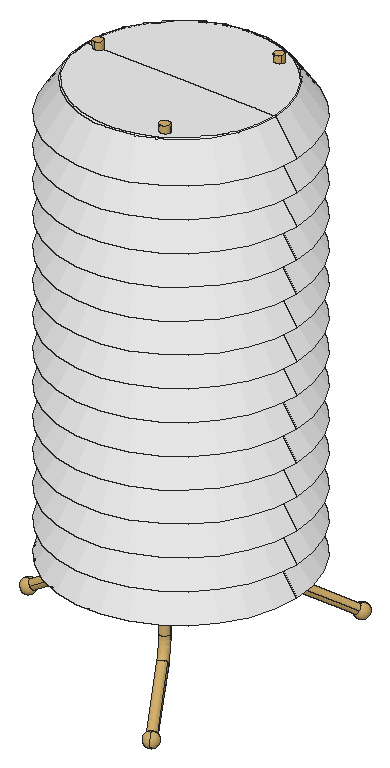
Revit family "Indoor_Floor Lamp_Santa&Cole_Maija 30", category Luminarias, Revit 2018
Family settings
  Cota de conector redondo = Diámetro de uso
  Tipo de pieza = Normal
  Número OmniClass = 23.80.70.00
  Título OmniClass = Lighting
  Se basa en plano de trabajo = No
  Siempre vertical = Sí
  Corte con vacíos al cargar = No
  Origen de luz = Sí
  Compartido = No
  Punto de cálculo de habitación = No
Parameters
  Tilt Angle = 90.00°
  Wattage = 5.52033 W
  Technical Information = "https://www.santacole.com/recursos/productos/downloads/pdf_espec_tecnicas/SC_Maija-floor_data%20sheet.pdf"
  built-in parameter 1150110 = 1 (stored number, unit not read)
  URL = "https://www.santacole.com/en/catalogue/floor-lamps/maija"
  Manufacturer website = "http://www.santacole.com"
  built-in parameter 1114217 = 1 (stored number, unit not read)
  built-in parameter 1150109 = 1 (stored number, unit not read)
  Energy Label = "https://www.santacole.com/recursos/productos/downloads/pdf_energy_label/Energy%20Label_MAIJA_LED_no%20changed.pdf"
  Designed by = "Ilmari Tapiovaara. 1955"
  Contact phone = "+34.938.619.100"
  Contact e-mail = "info@santacole.com"
  built-in parameter 1150134 = (empty or 0)
  built-in parameter 1150113 = 1 (stored number, unit not read)
  Modelo = "Maija"
  Fabricante = "Santa & Cole"
  Lumens = 820 lm
  built-in parameter 1150115 = 1 (stored number, unit not read)
  built-in parameter 1150105 = 65.254 (stored number, unit not read)
  Load = 24 W
  built-in parameter 1150137 = (empty or 0)
  built-in parameter 1150139 = (empty or 0)
  built-in parameter 1150112 = 1 (stored number, unit not read)
  built-in parameter 1150114 = 1 (stored number, unit not read)
  Lamp = ""
  built-in parameter 1150132 = 2
  built-in parameter 1150102 = (empty or 0)
  built-in parameter 1150138 = (empty or 0)
  built-in parameter 1150107 = 2700 (stored number, unit not read)
  built-in parameter 1150106 = 0.65254 (stored number, unit not read)
  built-in parameter 1150104 = 13.8 (stored number, unit not read)
  Code = "MAI21L"
  Dimming Lamp Color Temperature Shift = (empty or 0)
  Color Filter = 16777215
  built-in parameter 1114218 = 1 (stored number, unit not read)
  Assembly instructions - UL = "https://www.santacole.com/recursos/productos/downloads/pdf_montaje/Maija%2030%20Floor%20lamp_im_UL.pdf"
  Assembly instructions - CE = "https://www.santacole.com/recursos/productos/downloads/pdf_montaje/Maija%2030%20Floor%20lamp_im_CE.pdf"
  Archivo de red fotométrica = "MAI21L.IES"
  built-in parameter 1150133 = 10 (stored number, unit not read)
  Apparent Load = 24 VA
Reference planes
  plane 1 "Light Source Axis (F/B)": y = 0
  plane 2: z = 0
  plane 3 "Light Source Axis (L/R)": x = 0
  plane 4 "Light Source Elevation": z = 235
Forms (mm)
  Revolve 1, solid, material "Santa & Cole - White Matte Finish"
    sketch origin (0, 0, 0) x (1, 0, 0) y (0, 0, 1)
      loop
        line (-124.097, 195.665) -> (-151.25, 156.525) -> (-150.276, 156.525) -> (-123.678, 194.865)
        arc (-123.678, 194.865) -> (-122.962, 195.497) -> (-122.035, 195.725) r 2
        line (-122.035, 195.725) -> (-94, 195.725) -> (-94, 196.525) -> (-122.453, 196.525)
        arc (-122.453, 196.525) -> (-123.381, 196.297) -> (-124.097, 195.665) r 2
      loop
        line (-124.097, 235.265) -> (-151.25, 196.125) -> (-150.276, 196.125) -> (-123.678, 234.465)
        arc (-123.678, 234.465) -> (-122.962, 235.097) -> (-122.035, 235.325) r 2
        line (-122.035, 235.325) -> (-94, 235.325) -> (-94, 236.125) -> (-122.453, 236.125)
        arc (-122.453, 236.125) -> (-123.381, 235.897) -> (-124.097, 235.265) r 2
      loop
        line (-124.097, 274.865) -> (-151.25, 235.725) -> (-150.276, 235.725) -> (-123.678, 274.065)
        arc (-123.678, 274.065) -> (-122.962, 274.697) -> (-122.035, 274.925) r 2
        line (-122.035, 274.925) -> (-94, 274.925) -> (-94, 275.725) -> (-122.453, 275.725)
        arc (-122.453, 275.725) -> (-123.381, 275.497) -> (-124.097, 274.865) r 2
      loop
        line (-124.097, 314.465) -> (-151.25, 275.325) -> (-150.276, 275.325) -> (-123.678, 313.665)
        arc (-123.678, 313.665) -> (-122.962, 314.297) -> (-122.035, 314.525) r 2
        line (-122.035, 314.525) -> (-94, 314.525) -> (-94, 315.325) -> (-122.453, 315.325)
        arc (-122.453, 315.325) -> (-123.381, 315.097) -> (-124.097, 314.465) r 2
      loop
        line (-124.097, 354.065) -> (-151.25, 314.925) -> (-150.276, 314.925) -> (-123.678, 353.265)
        arc (-123.678, 353.265) -> (-122.962, 353.897) -> (-122.035, 354.125) r 2
        line (-122.035, 354.125) -> (-94, 354.125) -> (-94, 354.925) -> (-122.453, 354.925)
        arc (-122.453, 354.925) -> (-123.381, 354.697) -> (-124.097, 354.065) r 2
      loop
        line (-124.097, 393.665) -> (-151.25, 354.525) -> (-150.276, 354.525) -> (-123.678, 392.865)
        arc (-123.678, 392.865) -> (-122.962, 393.497) -> (-122.035, 393.725) r 2
        line (-122.035, 393.725) -> (-94, 393.725) -> (-94, 394.525) -> (-122.453, 394.525)
        arc (-122.453, 394.525) -> (-123.381, 394.297) -> (-124.097, 393.665) r 2
      loop
        line (-124.097, 433.265) -> (-151.25, 394.125) -> (-150.276, 394.125) -> (-123.678, 432.465)
        arc (-123.678, 432.465) -> (-122.962, 433.097) -> (-122.035, 433.325) r 2
        line (-122.035, 433.325) -> (-94, 433.325) -> (-94, 434.125) -> (-122.453, 434.125)
        arc (-122.453, 434.125) -> (-123.381, 433.897) -> (-124.097, 433.265) r 2
      loop
        line (-124.097, 472.865) -> (-151.25, 433.725) -> (-150.276, 433.725) -> (-123.678, 472.065)
        arc (-123.678, 472.065) -> (-122.962, 472.697) -> (-122.035, 472.925) r 2
        line (-122.035, 472.925) -> (-94, 472.925) -> (-94, 473.725) -> (-122.453, 473.725)
        arc (-122.453, 473.725) -> (-123.381, 473.497) -> (-124.097, 472.865) r 2
      loop
        line (-124.097, 512.465) -> (-151.25, 473.325) -> (-150.276, 473.325) -> (-123.678, 511.665)
        arc (-123.678, 511.665) -> (-122.962, 512.297) -> (-122.035, 512.525) r 2
        line (-122.035, 512.525) -> (-94, 512.525) -> (-94, 513.325) -> (-122.453, 513.325)
        arc (-122.453, 513.325) -> (-123.381, 513.097) -> (-124.097, 512.465) r 2
      loop
        line (-124.097, 552.065) -> (-151.25, 512.925) -> (-150.276, 512.925) -> (-123.678, 551.265)
        arc (-123.678, 551.265) -> (-122.962, 551.897) -> (-122.035, 552.125) r 2
        line (-122.035, 552.125) -> (-94, 552.125) -> (-94, 552.925) -> (-122.453, 552.925)
        arc (-122.453, 552.925) -> (-123.381, 552.697) -> (-124.097, 552.065) r 2
      loop
        line (-124.097, 591.665) -> (-151.25, 552.525) -> (-150.276, 552.525) -> (-123.678, 590.865)
        arc (-123.678, 590.865) -> (-122.962, 591.497) -> (-122.035, 591.725) r 2
        line (-122.035, 591.725) -> (-94, 591.725) -> (-94, 592.525) -> (-122.453, 592.525)
        arc (-122.453, 592.525) -> (-123.381, 592.297) -> (-124.097, 591.665) r 2
      loop
        line (-124.097, 631.265) -> (-151.25, 592.125) -> (-150.276, 592.125) -> (-123.678, 630.465)
        arc (-123.678, 630.465) -> (-122.962, 631.097) -> (-122.035, 631.325) r 2
        line (-122.035, 631.325) -> (-94, 631.325) -> (-94, 632.125) -> (-122.453, 632.125)
        arc (-122.453, 632.125) -> (-123.381, 631.897) -> (-124.097, 631.265) r 2
      loop
        line (-124.097, 670.865) -> (-151.25, 631.725) -> (-150.276, 631.725) -> (-123.678, 670.065)
        arc (-123.678, 670.065) -> (-122.962, 670.697) -> (-122.035, 670.925) r 2
        line (-122.035, 670.925) -> (0, 670.925) -> (0, 671.725) -> (-122.453, 671.725)
        arc (-122.453, 671.725) -> (-123.381, 671.497) -> (-124.097, 670.865) r 2
      loop
        line (-124.097, 156.065) -> (-151.25, 116.925) -> (0, 116.925) -> (0, 117.725) -> (-149.721, 117.725) -> (-123.678, 155.265)
        arc (-123.678, 155.265) -> (-122.962, 155.897) -> (-122.035, 156.125) r 2
        line (-122.035, 156.125) -> (-94, 156.125) -> (-94, 156.925) -> (-122.453, 156.925)
        arc (-122.453, 156.925) -> (-123.381, 156.697) -> (-124.097, 156.065) r 2
      axis (0, 671.725) -> (0, 116.925)
    angle from 0 to 360
  Revolve 2, solid, material "Santa & Cole - Matte Brass"
    sketch origin (0, 0, 0) x (1, 0, 0) y (0, 0, 1)
      loop
        line (-98.5, 153.325) -> (-98.5, 156.125) -> (-117.5, 156.125) -> (-117.5, 153.325) -> (-98.5, 153.325)
      axis (0, 156.125) -> (0, 153.325)
    angle from 0 to 360
  Sweep 3, solid, material "Santa & Cole - Matte Brass"
    path origin (0, 0, 0) x (1, 0, 0) y (0, 0, 1)
      loop
        line (-102, 679.804) -> (-102, 83.325)
        arc (-102, 83.325) -> (-106.765, 64.902) -> (-119.863, 51.099) r 38
        line (-119.863, 51.099) -> (-189.902, 7.335)
    profile origin (-154.883, 0, 29.217) x (0.529911, 0, -0.848053) y (0, -1, 0)
      loop
        circle (-6, 0) r 6
  Revolve 4, solid, material "Santa & Cole - Matte Brass"
    sketch origin (0, 0, 0) x (1, 0, 0) y (0, 0, 1)
      loop
        arc (-198.805, 17.882) -> (-207.809, 8.878) -> (-198.805, -0.126) r 9.004
        line (-198.805, -0.126) -> (-198.805, 17.882)
      axis (-198.805, 17.882) -> (-198.805, -0.126)
    angle from 0 to 360
  Sweep 5, solid, material "Santa & Cole - Matte Brass"
    path origin (0, 0, 0) x (-0.5, 0.866025, 0) y (0, 0, 1)
      loop
        line (-102, 679.804) -> (-102, 83.325)
        arc (-102, 83.325) -> (-106.765, 64.902) -> (-119.863, 51.099) r 38
        line (-119.863, 51.099) -> (-189.902, 7.335)
    profile origin (77.441, -134.132, 29.217) x (-0.264955, 0.458916, -0.848053) y (0.866025, 0.5, 0)
      loop
        circle (-6, 0) r 6
  Revolve 6, solid, material "Santa & Cole - Matte Brass"
    sketch origin (0, 0, 0) x (-0.5, 0.866025, 0) y (0, 0, 1)
      loop
        arc (-198.805, 17.882) -> (-207.809, 8.878) -> (-198.805, -0.126) r 9.004
        line (-198.805, -0.126) -> (-198.805, 17.882)
      axis (-198.805, 17.882) -> (-198.805, -0.126)
    angle from 0 to 360
  Sweep 7, solid, material "Santa & Cole - Matte Brass"
    path origin (0, 0, 0) x (-0.5, -0.866025, 0) y (0, 0, 1)
      loop
        line (-102, 679.804) -> (-102, 83.325)
        arc (-102, 83.325) -> (-106.765, 64.902) -> (-119.863, 51.099) r 38
        line (-119.863, 51.099) -> (-189.902, 7.335)
    profile origin (77.441, 134.132, 29.217) x (-0.264955, -0.458916, -0.848053) y (-0.866025, 0.5, 0)
      loop
        circle (-6, 0) r 6
  Revolve 8, solid, material "Santa & Cole - Matte Brass"
    sketch origin (0, 0, 0) x (-0.5, -0.866025, 0) y (0, 0, 1)
      loop
        arc (-198.805, 17.882) -> (-207.809, 8.878) -> (-198.805, -0.126) r 9.004
        line (-198.805, -0.126) -> (-198.805, 17.882)
      axis (-198.805, 17.882) -> (-198.805, -0.126)
    angle from 0 to 360
Lines and regions (mm)
  model lines, style "Predeterminado", not visible
    curve 1: line (0, -3.75, 375) -> (0, 3.75, 375)
    curve 2: line (0, 3.75, 375) -> (0, -3.75, 375)
    curve 3: line (0, 15, 86.75) -> (0, -15, 86.75)
    curve 4: line (0, -10, 65) -> (0, -15, 82.176)
    curve 5: line (0, -10, 25) -> (0, -10, 65)
    curve 6: line (0, 6.344, 17.27) -> (0, 10, 25)
    curve 7: line (0, -1.951, 15.192) -> (0, 6.344, 17.27)
    curve 8: line (0, -10, 25) -> (0, -1.951, 15.192)
    curve 9: line (0, 10, 25) -> (0, 10, 65)
    curve 10: line (0, 15, 82.176) -> (0, 10, 65)
    curve 11: line (0, 15, 86.75) -> (0, -15, 86.75)
Dimensions and locks
  aligned and locked: plane 3 "Light Source Axis (L/R)" to imposter light
  aligned and locked: plane 1 "Light Source Axis (F/B)" to imposter light
  aligned and locked: plane 4 "Light Source Elevation" to imposter light
  aligned and locked: level to plane 2
Nested families
  nested 1: "Bulb" at (0, -180, 192), type "Bulb"
  nested 2: "Bulb" at (0, -180, 349.171), type "Bulb"
Definition of nested family "Bulb"
  Parameters (values of type "Bulb")
    Wattage = 2.32931 W
    Technical Information = ""
    Light Source Symbol Size = 100 mm
    built-in parameter 1150110 = 1 (stored number, unit not read)
    URL = ""
    Manufacturer website = ""
    Lamp Material = none
    built-in parameter 1114217 = 1 (stored number, unit not read)
    built-in parameter 1150109 = 1 (stored number, unit not read)
    Energy Label = ""
    Default Elevation = 1219.2 mm
    Designed by = ""
    Contact phone = ""
    Contact e-mail = ""
    built-in parameter 1150134 = (empty or 0)
    built-in parameter 1150113 = 1 (stored number, unit not read)
    Model = ""
    Manufacturer = ""
    Lumens = 346 lm
    built-in parameter 1150115 = 1 (stored number, unit not read)
    built-in parameter 1150105 = 27.534 (stored number, unit not read)
    Load = 17 W
    built-in parameter 1150137 = (empty or 0)
    built-in parameter 1150139 = (empty or 0)
    built-in parameter 1150112 = 1 (stored number, unit not read)
    built-in parameter 1150114 = 1 (stored number, unit not read)
    Lamp = ""
    built-in parameter 1150132 = 2
    built-in parameter 1150102 = (empty or 0)
    built-in parameter 1150138 = (empty or 0)
    built-in parameter 1150107 = 2700 (stored number, unit not read)
    built-in parameter 1150106 = 0.27534 (stored number, unit not read)
    built-in parameter 1150104 = 13.8 (stored number, unit not read)
    Code = ""
    Dimming Lamp Color Temperature Shift = (empty or 0)
    Color Filter = 16777215
    built-in parameter 1114218 = 1 (stored number, unit not read)
    Assembly instructions - UL = ""
    Assembly instructions - CE = ""
    built-in parameter 1150133 = 10 (stored number, unit not read)
    Apparent Load = 17 VA
  Reference planes
    plane 1 "Light Source Axis (F/B)": y = 0
    plane 2: z = 0
    plane 3 "Light Source Axis (L/R)": x = 0
    plane 4 "Light Source Elevation": z = 212.554
  Lines and regions (mm)
    model lines, not visible
      curve 1: line (0, -3.75, 375) -> (0, 3.75, 375)
      curve 2: line (0, 3.75, 375) -> (0, -3.75, 375)
      curve 3: line (0, 15, 86.75) -> (0, -15, 86.75)
      curve 4: line (0, -10, 65) -> (0, -15, 82.176)
      curve 5: line (0, -10, 25) -> (0, -10, 65)
      curve 6: line (0, 6.344, 17.27) -> (0, 10, 25)
      curve 7: line (0, -1.951, 15.192) -> (0, 6.344, 17.27)
      curve 8: line (0, -10, 25) -> (0, -1.951, 15.192)
      curve 9: line (0, 10, 25) -> (0, 10, 65)
      curve 10: line (0, 15, 82.176) -> (0, 10, 65)
      curve 11: line (0, 15, 86.75) -> (0, -15, 86.75)
  Dimensions and locks
    aligned and locked: plane 3 "Light Source Axis (L/R)" to imposter light
    aligned and locked: plane 4 "Light Source Elevation" to imposter light
    aligned and locked: level to plane 2
